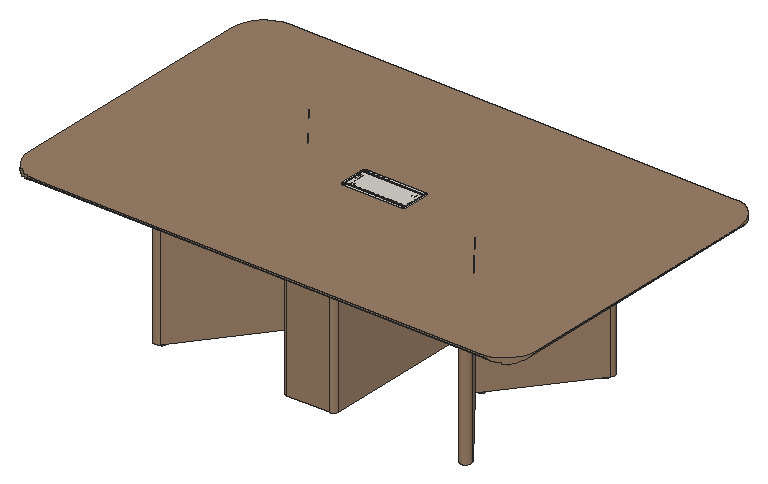
Revit family "Table-Teknion-CFTBKV-Figure_Table_Butter_Knife_Edge-Open_V_Leg_Base-R2023", category Furniture, Revit 2023 (continued)
Definition of nested family "12 Inch Standard Recessed Access Door"
  Automatic sketch dimensions
    Masking region 1 sketch curve to Masking region 1 sketch curve = 0.73174"  (x2)
    curve 26 to curve 41 = 0.40353"
    curve 53 to plane 5 "Right" = 0.000"
    curve 26 to curve 3 = 0.8366"
    curve 36 to curve 35 = 0.03963"
    curve 6 to plane 7 "Front" = 0.2478"
    curve 7 to curve 44 = 0.3162"
    curve 38 to curve 33 = 0.03963"
    curve 47 to curve 24 = 0.24407"
    plane 4 "Left" to curve 48 = 0.46457"
    curve 3 to curve 47 = 0.000"
    curve 23 to curve 28 = 0.03963"
    curve 26 to curve 47 = 0.000"
Definition of nested family "BKV LEG"
  Parameters (values of type "BKV Leg")
    Width [instance] = 240.000"
    Warranty = "http://www.teknion.com/ca/papers/legal-canada"
    V Leg Dim [instance] = if(Depth = 60.000", 33.045", 30.536")  # 33.045"
    Unit Weight URL = "http://www.teknion.com/ca/tools/assets#&asset=bee6a381-b954-425e-8283-5a2de3a804f2,f828d448-4b62-4231-9e5f-9a8991c0ed77"
    URL = "www.teknion.com"
    Top Finish [instance] = none
    To render please download texture images found here [instance] = "https://assets.teknion.com/web/5e81352c1dfdb467/revit-material-swatches/"
    Sustainability Data = "https://www.teknion.com/ca/tools/assets#&topic=216f99a5-57a0-44fc-b10a-9dee9b29ae4c&asset=444deb64-fe58-4b68-981e-f75e97781df7,b4ff2d81-9f2e-437d-9659-7cffb09c31cf"
    Surface Power Access [instance] = "Check / Uncheck for Access Power Options"  # constant formula
    Side Legs Dim [instance] = if(Depth = 60.000", 4.348", 3.581")  # 4.348"
    Series = "Custom Wood"  # constant formula
    Product Page URL = "https://www.teknion.com/ca/products/product-details?productLineId=f182336e-8e7a-673b-a6c8-ff00004460c4"
    Product Line = "Figure Table"  # constant formula
    Product Documentation Link = "https://d2r72yk5wmppdj.cloudfront.net/m/7b6608f508e3c5a8/Community_Table_Cut_Sheet.pdf"
    Power Cover Finish [instance] = none
    Part Number = "CFTBKV"  # constant formula
    Description = "Figure Table, Rectangular, Open V Leg, Bullnose Cove Edge"
    Base S Cutout [instance] = and([Base S 228"-], AF Mid)  # no
    Base H Cutout [instance] = and([Base H 228"-], AF Mid)  # no
    Base Finish [instance] = none
    Base Dim [instance] = if(Depth = 60.000", 24.000", 18.000")  # 24.000"
    AF Sides [instance] = and([(AF) 12" Standard Access Door], Width > 120.000")  # yes
    AF Mid [instance] = and([(AF) 12" Standard Access Door], or(Width > 204.000", Width < 132.000"))  # yes
    3 Tops [instance] = Width > 192.000"  # yes
    2 Tops [instance] = not(or([3 Tops], [1 Top]))  # no
    1 Top [instance] = Width < 120.000"  # no
    (NN) None [instance] = not([(AF) 12" Standard Access Door])  # no
    (N) No Central Base [instance] = not(or([(H) Hexa Panel], [(S) Softened Panel]))  # no
    Model = ""
    Manufacturer Phone = "416-661-3370"  # constant formula
    Manufacturer Fax = "416.661.4586"  # constant formula
    Manufacturer Contact Information = "http://www.teknion.com/ca/contactus"
    Manufacturer Address = "1150 Flint Road, Toronto, ON. M3J 2J5. Canada"  # constant formula
    Manufacturer = "Teknion"  # constant formula
    How To Use Teknion Materials User Guide [instance] = "https://assets.teknion.com/m/205dd0a49fa58060/original/How-to-add-a-Material-Library-and-Texture-Images-to-your-Revit-project.pdf"
    (H) Hexa Panel [instance] = no
    For Additional Finishes please visit [instance] = "https://assets.teknion.com/m/44a8009b046e5d47/original/Teknion_Materials_Library.zip"
    Depth [instance] = 60.000"
    Default Elevation = 0.000"
    (S) Softened Panel [instance] = yes
    Central Base Options [instance] = if(Width > 131.000", "[(N) No Central Base] not available with selected width, Please select one of the options below", "Check / Uncheck for Base Options")  # "[(N) No Central Base] not available with selected width, Please select one of the options below"
    Base S 228"- [instance] = and([(S) Softened Panel], Width < 240.000")  # no
    Base S 240" [instance] = and([(S) Softened Panel], Width = 240.000")  # yes
    Base H 228"- [instance] = and([(H) Hexa Panel], Width < 240.000")  # no
    Base H 240" [instance] = and([(H) Hexa Panel], Width = 240.000")  # no
    Available Width [instance] = "Available In 96\", 108\", 120\", 132\", 144\", 156\", 168\", 180\", 192\", 204\", 216\", 228\", 240\""  # constant formula
    Available Depth [instance] = "Available In 48\", 54\", 60\""  # constant formula
    Assembly Code = "E2020200"
    (AF) 12" Standard Access Door [instance] = yes
  Reference planes (in)
    plane 1 "Center Front/Back": y = 0
    plane 2: z = 0
    plane 3 "Center Left/Right": x = 0.01361
    plane 4 "Left": x = -119.98639
    plane 5 "Right": x = 120.01361
    plane 6 "Back": y = 30
    plane 7 "Front": y = -30
    plane 8 "Top": z = 29
    plane 9: x = -39.98639
    plane 10: x = 40.01361
    plane 11: y = 12
    plane 12: y = -12
    plane 13: x = -86.94139
    plane 14: x = 86.96861
    plane 15: x = -35.63839
    plane 16: x = 35.66561
  Forms (in)
    Sweep 1, solid, material <- "Top Finish"
      path origin (0, 0, 0) x (1, 0, 0) y (0, 0, 1)
        loop
          line (0.01361, 26.75) -> (0.01361, 27)
      profile origin (0.01361, 0, 26.875) x (-1, 0, 0) y (0, -1, 0)
        loop
          line (112, 22) -> (-112, 22) -> (-112, -22) -> (112, -22) -> (112, 22)
    Sweep 2, solid, material <- "Base Finish"
      path origin (0, 0, 0) x (1, 0, 0) y (0, 1, 0)
        loop
          line (100.01361, 0) -> (-99.98639, 0)
      profile origin (0.01361, 0, 0) x (0, -1, 0) y (0, 0, 1)
        loop
          line (-7.932, 18.75) -> (-10.932, 26.75) -> (-12, 26.75) -> (-9, 18.75) -> (-7.932, 18.75)
        loop
          line (10.932, 26.75) -> (7.932, 18.75) -> (9, 18.75) -> (12, 26.75) -> (10.932, 26.75)
    Sweep 3, void
      path origin (0, 0, 0) x (1, 0, 0) y (0, 0, 1)
        loop
          line (0.01361, 33) -> (0.01361, 24)
      profile origin (0.01361, 0, 28.5) x (0, -1, 0) y (1, 0, 0)
        loop
          arc (-2.80315, -5.56228) -> (-2.66687, -5.89128) -> (-2.33787, -6.02756) r 0.46527
          line (-2.33787, -6.02756) -> (2.33787, -6.02756)
          arc (2.33787, -6.02756) -> (2.66687, -5.89128) -> (2.80315, -5.56228) r 0.46527
          line (2.80315, -5.56228) -> (2.80315, 5.56326)
          arc (2.80315, 5.56326) -> (2.66716, 5.89157) -> (2.33885, 6.02756) r 0.4643
          line (2.33885, 6.02756) -> (-2.33885, 6.02756)
          arc (-2.33885, 6.02756) -> (-2.66716, 5.89157) -> (-2.80315, 5.56326) r 0.4643
          line (-2.80315, 5.56326) -> (-2.80315, -5.56228)
    Sweep 4, void
      path origin (0, 0, 0) x (1, 0, 0) y (0, 0, 1)
        loop
          line (0.01361, 42) -> (0.01361, 18.75)
      profile origin (0.01361, 0, 30.375) x (0, -1, 0) y (1, 0, 0)
        loop
          line (-17.38985, -100.03867) -> (-17.38985, -104) -> (18, -104) -> (18, -100.50685) -> (0, -86.69497) -> (-17.38985, -100.03867)
        loop
          line (0, 86.69497) -> (17.68067, 100.26182) -> (17.68067, 104) -> (-17.31933, 104) -> (-17.31933, 99.98456) -> (0, 86.69497)
  Cuts and joins
    Sweep 3 cuts Sweep 1
    Sweep 4 cuts Sweep 2
  Lines and regions (in)
    symbolic lines, detail levels medium+fine
      curve 1: line (-111.98639, 22, 0) -> (-111.98639, -22, 0)
      curve 2: line (-111.98639, -22, 0) -> (112.01361, -22, 0)
      curve 3: line (112.01361, -22, 0) -> (112.01361, 22, 0)
      curve 4: line (112.01361, 22, 0) -> (-111.98639, 22, 0)
      curve 5: line (114.01361, 24, 0) -> (-113.98639, 24, 0)
      curve 6: line (-113.98639, 24, 0) -> (-113.98639, -24, 0)
      curve 7: line (-113.98639, -24, 0) -> (114.01361, -24, 0)
      curve 8: line (114.01361, -24, 0) -> (114.01361, 24, 0)
      curve 13: line (-95.06977, 10.932, 0) -> (95.097, 10.932, 0)
      curve 14: line (95.097, 10.932, 0) -> (95.91651, 12, 0)
      curve 15: line (95.91651, 12, 0) -> (-95.88928, 12, 0)
      curve 16: line (-95.88928, 12, 0) -> (-95.06977, 10.932, 0)
      curve 17: line (-92.76779, 7.932, 0) -> (92.79502, 7.932, 0)
      curve 18: line (-93.5873, 9, 0) -> (93.61453, 9, 0)
      curve 19: line (92.79502, -7.932, 0) -> (-92.76779, -7.932, 0)
      curve 20: line (-93.5873, -9, 0) -> (93.61453, -9, 0)
      curve 21: line (-95.06977, -10.932, 0) -> (95.097, -10.932, 0)
      curve 22: line (-95.88928, -12, 0) -> (95.91651, -12, 0)
    reference lines
      curve 9: line (-119.98639, 30, 0) -> (120.01361, 30, 0)
      curve 10: line (-119.98639, 30, 0) -> (-119.98639, -30, 0)
      curve 11: line (120.01361, 30, 0) -> (120.01361, -30, 0)
      curve 12: line (-119.98639, -30, 0) -> (120.01361, -30, 0)
    symbolic lines, visible <- "Base S 240"", detail levels medium+fine
      curve 23: line (27.66561, 2.64575, 0) -> (27.66561, -2.64575, 0)
      curve 24: line (33.66561, -2.64575, 0) -> (33.66561, 2.64575, 0)
  Dimensions and locks (in)
    "Width": plane 4 "Left" to plane 5 "Right"
    "Depth": plane 6 "Back" to plane 7 "Front"
    plane 8 "Top" to level = 29.000"
    plane 8 "Top" to Sweep 1 sketch curve to Sweep 1 sketch curve = 2.000" locked, 0.250" locked
    locked: plane 4 "Left" to Sweep 2 sketch curve at 20
    locked: Sweep 2 sketch curve to plane 5 "Right" at 20
    Sweep 2 sketch curve to Sweep 2 sketch curve to Sweep 2 sketch curve to Sweep 2 sketch curve = 1.068" locked, 1.932" locked, 1.068" locked
    Sweep 2 sketch curve to Sweep 2 sketch curve to Sweep 2 sketch curve to Sweep 2 sketch curve = 1.068", 1.932" locked, 1.068" locked
    plane 8 "Top" to Sweep 2 sketch curve to Sweep 2 sketch curve = 2.250" locked, 8.000" locked  (x2)
    locked: plane 7 "Front" to Sweep 1 sketch curve at 8
    locked: plane 4 "Left" to Sweep 1 sketch curve at 8
    locked: plane 6 "Back" to Sweep 1 sketch curve at 8
    locked: Sweep 1 sketch curve to plane 5 "Right" at 8
    equal spacing: plane 4 "Left", plane 3 "Center Left/Right", plane 5 "Right"
    equal spacing: plane 7 "Front", plane 1 "Center Front/Back", plane 6 "Back"
    equal spacing: plane 4 "Left", plane 9, plane 10, plane 5 "Right"
    Sweep 3 sketch curve to plane 8 "Top" to Sweep 3 sketch curve = 4.000" locked, 5.000" locked
    Sweep 3 sketch curve to plane 1 "Center Front/Back" to Sweep 3 sketch curve = 2.80315" locked, 2.80315" locked
    Sweep 3 sketch curve to plane 3 "Center Left/Right" to Sweep 3 sketch curve = 6.02756" locked, 6.02756" locked
    Sweep 3 sketch curve to Sweep 3 sketch curve to plane 3 "Center Left/Right" to Sweep 3 sketch curve to Sweep 3 sketch curve = 0.000" locked, 5.56228" locked, 5.56326" locked, 0.000" locked
    Sweep 3 sketch curve to Sweep 3 sketch curve to plane 1 "Center Front/Back" to Sweep 3 sketch curve to Sweep 3 sketch curve = 0.00098" locked, 2.33787" locked, 2.33787" locked, 0.00098" locked
    equal spacing: plane 11, plane 1 "Center Front/Back", plane 12
    "Base Dim": plane 12 to plane 11
    "V Leg Dim": plane 4 "Left" to plane 13
    "V Leg Dim": plane 14 to plane 5 "Right"
    Sweep 4 sketch curve to plane 8 "Top" to Sweep 4 sketch curve = 13.000" locked, 10.250" locked
    Sweep 4 sketch curve to nested 8 to Sweep 4 sketch curve to Sweep 4 sketch curve = 18.000" locked, 0.000" locked, 17.38985" locked
    Sweep 4 sketch curve to plane 1 "Center Front/Back" to Sweep 4 sketch curve to Sweep 4 sketch curve = 17.68067" locked, 0.000" locked, 17.31933" locked
    Sweep 4 sketch curve to plane 14 to Sweep 4 sketch curve to Sweep 4 sketch curve to Sweep 4 sketch curve = 0.26003" locked, 13.02956" locked, 0.27727" locked, 3.73818" locked
    Sweep 4 sketch curve to Sweep 4 sketch curve to Sweep 4 sketch curve to plane 13 to Sweep 4 sketch curve = 3.49315" locked, 0.46819" locked, 13.08367" locked, 0.26003" locked
    "Side Legs Dim": plane 9 to plane 15
    "Side Legs Dim": plane 16 to plane 10
    aligned and locked: level to plane 2
    aligned and locked: plane 3 "Center Left/Right" to Sweep 1 sketch curve
    aligned and locked: Sweep 2 sketch curve to plane 1 "Center Front/Back"
    aligned and locked: plane 1 "Center Front/Back" to nested 1
    aligned and locked: plane 1 "Center Front/Back" to nested 2
    aligned and locked: plane 3 "Center Left/Right" to nested 3
    aligned and locked: plane 1 "Center Front/Back" to nested 3
    aligned and locked: plane 1 "Center Front/Back" to nested 6
    aligned and locked: plane 1 "Center Front/Back" to nested 4
    aligned and locked: plane 3 "Center Left/Right" to nested 5
    aligned and locked: plane 1 "Center Front/Back" to nested 5
    aligned and locked: plane 3 "Center Left/Right" to nested 7
    aligned and locked: plane 1 "Center Front/Back" to nested 7
    aligned and locked: Sweep 3 sketch curve to plane 3 "Center Left/Right"
    aligned and locked: plane 2 to nested 4
    aligned and locked: plane 2 to nested 3
    aligned and locked: plane 2 to nested 2
    aligned and locked: plane 2 to nested 1
    aligned and locked: plane 2 to nested 5
    aligned and locked: plane 2 to nested 6
    aligned and locked: curve 1 to cut or joined group of Sweep 1, Sweep 3
    aligned and locked: curve 2 to cut or joined group of Sweep 1, Sweep 3
    aligned and locked: curve 3 to cut or joined group of Sweep 1, Sweep 3
    aligned and locked: curve 4 to cut or joined group of Sweep 1, Sweep 3
    aligned and locked: plane 12 to Sweep 2 sketch curve
    aligned and locked: plane 11 to Sweep 2 sketch curve
    aligned and locked: curve 9 to plane 6 "Back"
    aligned and locked: curve 10 to plane 4 "Left"
    aligned and locked: plane 5 "Right" to curve 11
    aligned and locked: plane 7 "Front" to curve 12
    aligned and locked: plane 1 "Center Front/Back" to nested 8
    aligned and locked: nested 9 to plane 1 "Center Front/Back"
    aligned and locked: nested 8 to plane 13
    aligned and locked: plane 14 to nested 9
    aligned and locked: Sweep 4 sketch curve to plane 3 "Center Left/Right"
    aligned and locked: nested 4 to plane 15
    aligned and locked: nested 1 to plane 15
    aligned and locked: nested 2 to plane 16
    aligned and locked: nested 6 to plane 16
    aligned and locked: nested 8 to plane 2
    aligned and locked: nested 9 to plane 2
    aligned and locked: curve 13 to cut or joined group of Sweep 2, Sweep 4
    aligned and locked: curve 14 to cut or joined group of Sweep 2, Sweep 4
    aligned and locked: curve 15 to cut or joined group of Sweep 2, Sweep 4
    aligned and locked: curve 16 to cut or joined group of Sweep 2, Sweep 4
    aligned and locked: curve 17 to cut or joined group of Sweep 2, Sweep 4
    aligned and locked: curve 18 to cut or joined group of Sweep 2, Sweep 4
    aligned and locked: curve 19 to cut or joined group of Sweep 2, Sweep 4
    aligned and locked: curve 20 to cut or joined group of Sweep 2, Sweep 4
    aligned and locked: curve 21 to cut or joined group of Sweep 2, Sweep 4
    aligned and locked: curve 22 to cut or joined group of Sweep 2, Sweep 4
    aligned and locked: nested 2 to curve 23
    aligned and locked: curve 24 to nested 2  (x3)
    aligned and locked: curve 23 to nested 2  (x2)
  Automatic sketch dimensions
    curve 6 to curve 1 = 2.000"
    curve 3 to curve 8 = 2.000"
    curve 7 to curve 2 = 2.000"
    curve 3 to curve 5 = 2.000"
    curve 22 to plane 13 = 8.94789"
    curve 22 to curve 21 = 0.81951"
    curve 21 to curve 20 = 1.48248"
    curve 13 to curve 18 = 1.48248"
    curve 18 to curve 17 = 0.81951"
    curve 20 to curve 19 = 0.81951"
    curve 23 to plane 1 "Center Front/Back" = 2.64575"
    plane 16 to curve 23 = 8.000"
    plane 16 to curve 24 = 2.000"
    curve 19 to plane 14 = 5.82641"
    curve 17 to curve 13 = 2.30198"
    curve 17 to curve 18 = 0.81951"
    curve 19 to curve 20 = 0.81951"
    curve 20 to curve 21 = 1.48248"
    curve 21 to curve 22 = 0.81951"
    plane 1 "Center Front/Back" to curve 24 = 2.64575"
    plane 1 "Center Front/Back" to curve 23 = 2.64575"
    curve 24 to plane 1 "Center Front/Back" = 2.64575"
  Nested families (in)
    nested 1: "Softened Panel" at (-30.63839, 0, 0), Depth <- "Depth", Base Finish <- "Base Finish", visible <- "Base S 240"", type "Softened Panel"
      with Top Cutout yes, To render please download texture images found here "https://assets.teknion.com/web/5e81352c1dfdb467/revit-material-swatches/", Panel Width 36.000", Mid Leg no, Mid Cutout yes, Left Cutout yes, How To Use Teknion Materials User Guide "https://assets.teknion.com/m/205dd0a49fa58060/original/How-to-add-a-Material-Library-and-Texture-Images-to-your-Revit-project.pdf", Glide Finish none, For Additional Finishes please visit "https://assets.teknion.com/m/44a8009b046e5d47/original/Teknion_Materials_Library.zip", Depth 60.000", Bottom Cutout yes, Base Finish none
    nested 2: "Softened Panel" at (30.66561, 0, 0), Depth <- "Depth", Base Finish <- "Base Finish", visible <- "Base S 240"", type "Softened Panel"
      with Top Cutout yes, To render please download texture images found here "https://assets.teknion.com/web/5e81352c1dfdb467/revit-material-swatches/", Panel Width 36.000", Mid Leg no, Mid Cutout yes, Left Cutout no, How To Use Teknion Materials User Guide "https://assets.teknion.com/m/205dd0a49fa58060/original/How-to-add-a-Material-Library-and-Texture-Images-to-your-Revit-project.pdf", Glide Finish none, For Additional Finishes please visit "https://assets.teknion.com/m/44a8009b046e5d47/original/Teknion_Materials_Library.zip", Depth 60.000", Bottom Cutout no, Base Finish none
    nested 3: "Softened Panel" at (0.01361, 0, 0), Depth <- "Depth", Base Finish <- "Base Finish", visible <- "Base S 228"-", Mid Leg <- "Base S Cutout", type "Softened Panel"
      with Top Cutout yes, To render please download texture images found here "https://assets.teknion.com/web/5e81352c1dfdb467/revit-material-swatches/", Panel Width 36.000", Mid Leg no, Mid Cutout yes, Left Cutout yes, How To Use Teknion Materials User Guide "https://assets.teknion.com/m/205dd0a49fa58060/original/How-to-add-a-Material-Library-and-Texture-Images-to-your-Revit-project.pdf", Glide Finish none, For Additional Finishes please visit "https://assets.teknion.com/m/44a8009b046e5d47/original/Teknion_Materials_Library.zip", Depth 60.000", Bottom Cutout yes, Base Finish none
    nested 4: "Hexa Panel" at (-30.63839, 0, 0), Base Finish <- "Base Finish", visible <- "Base H 240"", Depth <- "Depth", type "Hexa Panel"
      with To render please download texture images found here "https://assets.teknion.com/web/5e81352c1dfdb467/revit-material-swatches/", Panel Width 36.000", Mid Leg no, Left Cutout yes, How To Use Teknion Materials User Guide "https://assets.teknion.com/m/205dd0a49fa58060/original/How-to-add-a-Material-Library-and-Texture-Images-to-your-Revit-project.pdf", Glide Finish none, For Additional Finishes please visit "https://assets.teknion.com/m/44a8009b046e5d47/original/Teknion_Materials_Library.zip", Depth 60.000", Base Finish none
    nested 5: "Hexa Panel" at (0.01361, 0, 0), Base Finish <- "Base Finish", Depth <- "Depth", Mid Leg <- "Base H Cutout", visible <- "Base H 228"-", type "Hexa Panel"
      with To render please download texture images found here "https://assets.teknion.com/web/5e81352c1dfdb467/revit-material-swatches/", Panel Width 36.000", Mid Leg no, Left Cutout yes, How To Use Teknion Materials User Guide "https://assets.teknion.com/m/205dd0a49fa58060/original/How-to-add-a-Material-Library-and-Texture-Images-to-your-Revit-project.pdf", Glide Finish none, For Additional Finishes please visit "https://assets.teknion.com/m/44a8009b046e5d47/original/Teknion_Materials_Library.zip", Depth 60.000", Base Finish none
    nested 6: "Hexa Panel" at (30.66561, 0, 0), Base Finish <- "Base Finish", visible <- "Base H 240"", Depth <- "Depth", type "Hexa Panel"
      with To render please download texture images found here "https://assets.teknion.com/web/5e81352c1dfdb467/revit-material-swatches/", Panel Width 36.000", Mid Leg no, Left Cutout no, How To Use Teknion Materials User Guide "https://assets.teknion.com/m/205dd0a49fa58060/original/How-to-add-a-Material-Library-and-Texture-Images-to-your-Revit-project.pdf", Glide Finish none, For Additional Finishes please visit "https://assets.teknion.com/m/44a8009b046e5d47/original/Teknion_Materials_Library.zip", Depth 60.000", Base Finish none
    nested 7: "Teknion_2D_Node_Family-R2021" at (0.01361, 0, 0), type "Teknion_2D_Node_Family-R2021"
    nested 8: "V Leg" at (-100.68179, 0.10332, 0), Base Finish <- "Base Finish", Depth <- "Depth", type "V Leg"
      with V Leg - Width 15.045", V Leg - Depth 36.000", To render please download texture images found here "https://assets.teknion.com/web/5e81352c1dfdb467/revit-material-swatches/", How To Use Teknion Materials User Guide "https://assets.teknion.com/m/205dd0a49fa58060/original/How-to-add-a-Material-Library-and-Texture-Images-to-your-Revit-project.pdf", Glide Finish none, For Additional Finishes please visit "https://assets.teknion.com/m/44a8009b046e5d47/original/Teknion_Materials_Library.zip", Depth 60.000", Base Finish none
    nested 9: "V Leg" at (100.70901, 0.10332, 0) x (-1, 0, 0) z (0, 0, 1), Base Finish <- "Base Finish", Depth <- "Depth", type "V Leg"
      with V Leg - Width 15.045", V Leg - Depth 36.000", To render please download texture images found here "https://assets.teknion.com/web/5e81352c1dfdb467/revit-material-swatches/", How To Use Teknion Materials User Guide "https://assets.teknion.com/m/205dd0a49fa58060/original/How-to-add-a-Material-Library-and-Texture-Images-to-your-Revit-project.pdf", Glide Finish none, For Additional Finishes please visit "https://assets.teknion.com/m/44a8009b046e5d47/original/Teknion_Materials_Library.zip", Depth 60.000", Base Finish none
  Definition of nested family "Softened Panel"
    Parameters (values of type "Softened Panel")
      Warranty = "http://www.teknion.com/ca/papers/legal-canada"
      Unit Weight URL = "http://www.teknion.com/ca/tools/assets#&asset=bee6a381-b954-425e-8283-5a2de3a804f2,f828d448-4b62-4231-9e5f-9a8991c0ed77"
      URL = "www.teknion.com"
      Top Cutout [instance] = yes
      To render please download texture images found here [instance] = "https://assets.teknion.com/web/5e81352c1dfdb467/revit-material-swatches/"
      Sustainability Data = "https://www.teknion.com/ca/tools/assets#&topic=216f99a5-57a0-44fc-b10a-9dee9b29ae4c&asset=444deb64-fe58-4b68-981e-f75e97781df7,b4ff2d81-9f2e-437d-9659-7cffb09c31cf"
      Series = ""
      Product Page URL = ""
      Product Line = ""
      Product Documentation Link = ""
      Part Number = ""
      Panel Width [instance] = if(Depth = 60.000", 36.000", 30.000")  # 30.000"
      Model = ""
      Mid Leg [instance] = yes
      Mid Cutout [instance] = not(Mid Leg)  # no
      Manufacturer Phone = "416-661-3370"  # constant formula
      Manufacturer Fax = "416.661.4586"  # constant formula
      Manufacturer Contact Information = "http://www.teknion.com/ca/contactus"
      Manufacturer Address = "1150 Flint Road, Toronto, ON. M3J 2J5. Canada"  # constant formula
      Manufacturer = "Teknion"  # constant formula
      Left Cutout [instance] = yes
      How To Use Teknion Materials User Guide [instance] = "https://assets.teknion.com/m/205dd0a49fa58060/original/How-to-add-a-Material-Library-and-Texture-Images-to-your-Revit-project.pdf"
      Glide Finish [instance] = none
      For Additional Finishes please visit [instance] = "https://assets.teknion.com/m/44a8009b046e5d47/original/Teknion_Materials_Library.zip"
      Description = "Softened Panel"
      Depth [instance] = 0.000"
      Default Elevation = 0.000"
      Bottom Cutout [instance] = yes
      Base Finish [instance] = none
      Assembly Code = "E2020200"
    Reference planes (in)
      plane 1 "Center Front/Back": y = 0
      plane 2: z = 0
      plane 3 "Center Left/Right": x = 0
      plane 4 "Left": x = -5
      plane 5 "Right": x = 5
      plane 6 "Back": y = 15
      plane 7 "Front": y = -15
      plane 8 "Top": z = 26.75
      plane 9 "1": y = -13.646
      plane 10 "2": y = 13.646
      plane 11: z = 0.5
    Forms (in)
      Revolve 1, solid, material <- "Glide Finish"
        sketch origin (0, -13.646, 0) x (-1, 0, 0) y (0, 0, 1)
          loop
            line (3.64645, 0.25) -> (3.64645, 0) -> (4.14645, 0) -> (4.14645, 0.25) -> (3.64645, 0.25)
          axis (3.64645, 0.25) -> (3.64645, 0)
        angle from 0 to 360
      Revolve 2, solid, material <- "Glide Finish"
        sketch origin (7.81887, -13.646, 0) x (-1, 0, 0) y (0, 0, 1)
          loop
            line (4.17242, 0.25) -> (4.17242, 0) -> (4.67242, 0) -> (4.67242, 0.25) -> (4.17242, 0.25)
          axis (4.17242, 0.25) -> (4.17242, 0)
        angle from 0 to 360
      Revolve 3, solid, material <- "Glide Finish"
        sketch origin (0, 13.646, 0) x (-1, 0, 0) y (0, 0, 1)
          loop
            line (3.64645, 0.25) -> (3.64645, 0) -> (4.14645, 0) -> (4.14645, 0.25) -> (3.64645, 0.25)
          axis (3.64645, 0.25) -> (3.64645, 0)
        angle from 0 to 360
      Revolve 4, solid, material <- "Glide Finish"
        sketch origin (0, 13.646, 0) x (-1, 0, 0) y (0, 0, 1)
          loop
            line (-3.64645, 0.25) -> (-3.64645, 0) -> (-3.14645, 0) -> (-3.14645, 0.25) -> (-3.64645, 0.25)
          axis (-3.64645, 0.25) -> (-3.64645, 0)
        angle from 0 to 360
      Sweep 5, solid, material <- "Glide Finish"
        path origin (0, 0, 0) x (1, 0, 0) y (0, 0, 1)
          loop
            line (0, 0.5) -> (0, 0.25)
        profile origin (0, 0, 0.375) x (0, -1, 0) y (1, 0, 0)
          loop
            line (13.3335, -3.82713) -> (13.646, -4.00755) -> (13.9585, -3.82713) -> (13.9585, -3.46628) -> (13.646, -3.28586) -> (13.3335, -3.46628) -> (13.3335, -3.82713)
          loop
            line (13.3335, 3.46628) -> (13.646, 3.28586) -> (13.9585, 3.46628) -> (13.9585, 3.82713) -> (13.646, 4.00755) -> (13.3335, 3.82713) -> (13.3335, 3.46628)
          loop
            line (-13.9585, 3.46628) -> (-13.646, 3.28586) -> (-13.3335, 3.46628) -> (-13.3335, 3.82713) -> (-13.646, 4.00755) -> (-13.9585, 3.82713) -> (-13.9585, 3.46628)
          loop
            line (-13.9585, -3.82713) -> (-13.646, -4.00755) -> (-13.3335, -3.82713) -> (-13.3335, -3.46628) -> (-13.646, -3.28586) -> (-13.9585, -3.46628) -> (-13.9585, -3.82713)
      Sweep 6, solid, material <- "Base Finish"
        path origin (0, 0, 0) x (1, 0, 0) y (0, 0, 1)
          loop
            line (0, 26.75) -> (0, 0.5)
        profile origin (0, 0, 13.625) x (0, -1, 0) y (1, 0, 0)
          loop
            line (14, 5) -> (-14, 5)
            arc (-14, 5) -> (-14.70711, 4.70711) -> (-15, 4) r 1
            line (-15, 4) -> (-15, -4)
            arc (-15, -4) -> (-14.70711, -4.70711) -> (-14, -5) r 1
            line (-14, -5) -> (14, -5)
            arc (14, -5) -> (14.70711, -4.70711) -> (15, -4) r 1
            line (15, -4) -> (15, 4)
            arc (15, 4) -> (14.70711, 4.70711) -> (14, 5) r 1
      Sweep 7, void
        path origin (0, 0, 0) x (1, 0, 0) y (0, 1, 0)
          loop
            line (7.5, 0) -> (-7.5, 0)
        profile origin (0, 0, 0) x (0, -1, 0) y (0, 0, 1)
          loop
            line (-5, 27.5) -> (-5, 24.5)
            arc (-5, 24.5) -> (-4.85355, 24.14645) -> (-4.5, 24) r 0.5
            line (-4.5, 24) -> (4.5, 24)
            arc (4.5, 24) -> (4.85355, 24.14645) -> (5, 24.5) r 0.5
            line (5, 24.5) -> (5, 27.5) -> (-5, 27.5)
      Sweep 8, void
        path origin (0, 0, 0) x (1, 0, 0) y (0, 0, 1)
          loop
            line (0, 26) -> (0, 1.25)
        profile origin (0, 0, 13.625) x (0, -1, 0) y (1, 0, 0)
          loop
            line (-14.25, -4.25) -> (14.25, -4.25) -> (14.25, 4.25) -> (-14.25, 4.25) -> (-14.25, -4.25)
      Sweep 9, void
        path origin (0, 0, 0) x (1, 0, 0) y (0, 0, 1)
          loop
            line (0, 0) -> (0, 2)
        profile origin (0, 0, 1) x (-1, 0, 0) y (0, -1, 0)
          loop
            arc (3, -2.64575) -> (4, 0) -> (3, 2.64575) r 4
            line (3, 2.64575) -> (3, 4.5)
            arc (3, 4.5) -> (2.85355, 4.85355) -> (2.5, 5) r 0.5
            line (2.5, 5) -> (-2.5, 5)
            arc (-2.5, 5) -> (-2.85355, 4.85355) -> (-3, 4.5) r 0.5
            line (-3, 4.5) -> (-3, 2.64575)
            arc (-3, 2.64575) -> (-4, 0) -> (-3, -2.64575) r 4
            line (-3, -2.64575) -> (-3, -4.5)
            arc (-3, -4.5) -> (-2.85355, -4.85355) -> (-2.5, -5) r 0.5
            line (-2.5, -5) -> (2.5, -5)
            arc (2.5, -5) -> (2.85355, -4.85355) -> (3, -4.5) r 0.5
            line (3, -4.5) -> (3, -2.64575)
      Sweep 10, void
        path origin (0, 0, 0) x (1, 0, 0) y (0, 1, 0)
          loop
            line (-2.5, 0) -> (-7.5, 0)
        profile origin (-5, 0, 0) x (0, -1, 0) y (0, 0, 1)
          loop
            line (-3.9, 21) -> (-3.9, 4.6) -> (3.9, 4.6) -> (3.9, 21) -> (-3.9, 21)
          loop
            line (-4, 22) -> (-4, 4.5) -> (4, 4.5) -> (4, 22)
            arc (4, 22) -> (3.85355, 22.35355) -> (3.5, 22.5) r 0.5
            line (3.5, 22.5) -> (-3.5, 22.5)
            arc (-3.5, 22.5) -> (-3.85355, 22.35355) -> (-4, 22) r 0.5
      Sweep 11, void
        path origin (0, 0, 0) x (1, 0, 0) y (0, 1, 0)
          loop
            line (7.5, 0) -> (-7.25, 0)
        profile origin (0.125, 0, 0) x (0, -1, 0) y (0, 0, 1)
          loop
            arc (2.75, 24) -> (2.92678, 24.07322) -> (3, 24.25) r 0.25
            line (3, 24.25) -> (3, 25.75)
            arc (3, 25.75) -> (2.92678, 25.92678) -> (2.75, 26) r 0.25
            line (2.75, 26) -> (-2.75, 26)
            arc (-2.75, 26) -> (-2.92678, 25.92678) -> (-3, 25.75) r 0.25
            line (-3, 25.75) -> (-3, 24.25)
            arc (-3, 24.25) -> (-2.92678, 24.07322) -> (-2.75, 24) r 0.25
            line (-2.75, 24) -> (2.75, 24)
      Sweep 12, void
        path origin (0, 0, 0) x (1, 0, 0) y (0, 0, 1)
          loop
            line (0, 28.75) -> (0, -1.25)
        profile origin (0, 0, 13.75) x (0, -1, 0) y (1, 0, 0)
          loop
            arc (4.5, -3) -> (4.85355, -2.85355) -> (5, -2.5) r 0.5
            line (5, -2.5) -> (5, 2.5)
            arc (5, 2.5) -> (4.85355, 2.85355) -> (4.5, 3) r 0.5
            line (4.5, 3) -> (-4.5, 3)
            arc (-4.5, 3) -> (-4.85355, 2.85355) -> (-5, 2.5) r 0.5
            line (-5, 2.5) -> (-5, -2.5)
            arc (-5, -2.5) -> (-4.85355, -2.85355) -> (-4.5, -3) r 0.5
            line (-4.5, -3) -> (4.5, -3)
    Cuts and joins
      joined: Revolve 1, Revolve 2, Revolve 3, Revolve 4, Sweep 5
      Sweep 7, Sweep 8, Sweep 9, Sweep 10, Sweep 11, Sweep 12 cuts Sweep 6
    Lines and regions (in)
      symbolic lines, visible <- "Bottom Cutout", detail levels medium+fine
        curve 1: arc (3, 2.64575, 0) -> (4, 0, 0) -> (3, -2.64575, 0) r 4
        curve 2: arc (-3, -2.64575, 0) -> (-4, 0, 0) -> (-3, 2.64575, 0) r 4
        curve 41: arc (-3, 2.64575, 0) -> (-4, 0, 0) -> (-3, -2.64575, 0) r 4
        curve 47: arc (3, -2.64575, 0) -> (4, 0, 0) -> (3, 2.64575, 0) r 4
      symbolic lines, not visible, detail levels medium+fine
        curve 3: line (5, 5, 0) -> (-5, 5, 0)
        curve 4: line (-5, -5, 0) -> (5, -5, 0)
      symbolic lines, detail levels fine
        curve 5: line (-3.46628, 13.9585, 0) -> (-3.82713, 13.9585, 0)
        curve 6: line (-3.82713, 13.9585, 0) -> (-4.00755, 13.646, 0)
        curve 7: line (-4.00755, 13.646, 0) -> (-3.82713, 13.3335, 0)
        curve 8: line (-3.82713, 13.3335, 0) -> (-3.46628, 13.3335, 0)
        curve 9: line (-3.46628, 13.3335, 0) -> (-3.28586, 13.646, 0)
        curve 10: line (-3.28586, 13.646, 0) -> (-3.46628, 13.9585, 0)
        curve 11: arc (-4.14645, 13.646, 0) -> (-3.64645, 14.146, 0) -> (-3.14645, 13.646, 0) r 0.5
        curve 12: arc (-3.14645, 13.646, 0) -> (-3.64645, 13.146, 0) -> (-4.14645, 13.646, 0) r 0.5
        curve 13: arc (4.14645, 13.646, 0) -> (3.64645, 13.146, 0) -> (3.14645, 13.646, 0) r 0.5
        curve 14: arc (3.14645, 13.646, 0) -> (3.64645, 14.146, 0) -> (4.14645, 13.646, 0) r 0.5
        curve 15: line (3.82713, 13.9585, 0) -> (3.46628, 13.9585, 0)
        curve 16: line (3.46628, 13.9585, 0) -> (3.28586, 13.646, 0)
        curve 17: line (3.28586, 13.646, 0) -> (3.46628, 13.3335, 0)
        curve 18: line (3.46628, 13.3335, 0) -> (3.82713, 13.3335, 0)
        curve 19: line (3.82713, 13.3335, 0) -> (4.00755, 13.646, 0)
        curve 20: line (4.00755, 13.646, 0) -> (3.82713, 13.9585, 0)
        curve 21: line (3.82713, -13.3335, 0) -> (3.46628, -13.3335, 0)
        curve 22: line (3.46628, -13.3335, 0) -> (3.28586, -13.646, 0)
        curve 23: line (3.28586, -13.646, 0) -> (3.46628, -13.9585, 0)
        curve 24: line (3.46628, -13.9585, 0) -> (3.82713, -13.9585, 0)
        curve 25: line (3.82713, -13.9585, 0) -> (4.00755, -13.646, 0)
        curve 26: line (4.00755, -13.646, 0) -> (3.82713, -13.3335, 0)
        curve 27: arc (4.14645, -13.646, 0) -> (3.64645, -13.146, 0) -> (3.14645, -13.646, 0) r 0.5
        curve 28: arc (3.14645, -13.646, 0) -> (3.64645, -14.146, 0) -> (4.14645, -13.646, 0) r 0.5
        curve 29: arc (-4.14645, -13.646, 0) -> (-3.64645, -14.146, 0) -> (-3.14645, -13.646, 0) r 0.5
        curve 30: arc (-3.14645, -13.646, 0) -> (-3.64645, -13.146, 0) -> (-4.14645, -13.646, 0) r 0.5
        curve 31: line (-3.28586, -13.646, 0) -> (-3.46628, -13.3335, 0)
        curve 32: line (-3.46628, -13.3335, 0) -> (-3.82713, -13.3335, 0)
        curve 33: line (-3.82713, -13.3335, 0) -> (-4.00755, -13.646, 0)
        curve 34: line (-4.00755, -13.646, 0) -> (-3.82713, -13.9585, 0)
        curve 35: line (-3.82713, -13.9585, 0) -> (-3.46628, -13.9585, 0)
        curve 36: line (-3.46628, -13.9585, 0) -> (-3.28586, -13.646, 0)
      symbolic lines, detail levels medium+fine
        curve 37: line (-4.25, 14.25, 0) -> (-4.25, -14.25, 0)
        curve 38: line (-4.25, -14.25, 0) -> (4.25, -14.25, 0)
        curve 39: line (4.25, -14.25, 0) -> (4.25, 14.25, 0)
        curve 40: line (4.25, 14.25, 0) -> (-4.25, 14.25, 0)
        curve 42: line (-3, -2.64575, 0) -> (-3, -4.5, 0)
        curve 43: arc (-3, -4.5, 0) -> (-2.85355, -4.85355, 0) -> (-2.5, -5, 0) r 0.5
        curve 44: line (-2.5, -5, 0) -> (2.5, -5, 0)
        curve 45: arc (2.5, -5, 0) -> (2.85355, -4.85355, 0) -> (3, -4.5, 0) r 0.5
        curve 46: line (3, -4.5, 0) -> (3, -2.64575, 0)
        curve 48: line (3, 2.64575, 0) -> (3, 4.5, 0)
        curve 49: arc (3, 4.5, 0) -> (2.85355, 4.85355, 0) -> (2.5, 5, 0) r 0.5
        curve 50: line (2.5, 5, 0) -> (-2.5, 5, 0)
        curve 51: arc (-2.5, 5, 0) -> (-2.85355, 4.85355, 0) -> (-3, 4.5, 0) r 0.5
        curve 52: line (-3, 4.5, 0) -> (-3, 2.64575, 0)
        curve 53: line (-3, -4.5, 0) -> (-3, -2.64575, 0)
        curve 54: arc (-3, 4.5, 0) -> (-2.85355, 4.85355, 0) -> (-2.5, 5, 0) r 0.5
        curve 55: line (-2.5, 5, 0) -> (2.5, 5, 0)
        curve 56: arc (2.5, 5, 0) -> (2.85355, 4.85355, 0) -> (3, 4.5, 0) r 0.5
        curve 57: line (3, 4.5, 0) -> (3, 2.64575, 0)
        curve 58: arc (3, -4.5, 0) -> (2.85355, -4.85355, 0) -> (2.5, -5, 0) r 0.5
        curve 59: line (2.5, -5, 0) -> (-2.5, -5, 0)
        curve 60: arc (-2.5, -5, 0) -> (-2.85355, -4.85355, 0) -> (-3, -4.5, 0) r 0.5
        curve 61: line (-5, 14, 0) -> (-5, -14, 0)
        curve 62: arc (-5, -14, 0) -> (-4.70711, -14.70711, 0) -> (-4, -15, 0) r 1
        curve 63: line (-4, -15, 0) -> (4, -15, 0)
        curve 64: arc (4, -15, 0) -> (4.70711, -14.70711, 0) -> (5, -14, 0) r 1
        curve 65: line (5, -14, 0) -> (5, 14, 0)
        curve 66: arc (5, 14, 0) -> (4.70711, 14.70711, 0) -> (4, 15, 0) r 1
        curve 67: line (4, 15, 0) -> (-4, 15, 0)
        curve 68: arc (-4, 15, 0) -> (-4.70711, 14.70711, 0) -> (-5, 14, 0) r 1
        curve 69: line (3, -2.64575, 0) -> (3, -4.5, 0)
        curve 70: line (-3, 2.64575, 0) -> (-3, 4.5, 0)
    Dimensions and locks (in)
      plane 4 "Left" to plane 5 "Right" = 10.000"
      "Panel Width": plane 6 "Back" to plane 7 "Front"
      locked: plane 8 "Top" to level at 26.75
      equal spacing: plane 6 "Back", plane 1 "Center Front/Back", plane 7 "Front"
      equal spacing: plane 4 "Left", plane 3 "Center Left/Right", plane 5 "Right"
      locked: plane 6 "Back" to plane 10 "2" at 1.354
      locked: plane 7 "Front" to plane 9 "1" at 1.354
      locked: plane 11 to plane 2 at 0.5
      locked: Revolve 1 sketch curve to plane 2 at 0.25
      Revolve 1 sketch curve to Revolve 1 sketch curve to plane 4 "Left" = 0.500" locked, 0.85355" locked
      locked: Revolve 2 sketch curve to plane 2 at 0.25
      Revolve 2 sketch curve to Revolve 2 sketch curve to plane 5 "Right" = 0.500" locked, 1.35355" locked
      locked: Revolve 2 sketch curve to plane 5 "Right" at 1.35355
      Revolve 3 sketch curve to Revolve 3 sketch curve to plane 4 "Left" = 0.500" locked, 0.85355" locked
      locked: Revolve 3 sketch curve to plane 2 at 0.25
      locked: Revolve 4 sketch curve to plane 2 at 0.25
      Revolve 4 sketch curve to Revolve 4 sketch curve to plane 5 "Right" = 0.500" locked, 1.35355" locked
      locked: Revolve 4 sketch curve to plane 5 "Right" at 1.35355
      locked: Sweep 5 sketch curve to plane 2 at 0.25
      plane 4 "Left" to Sweep 5 sketch curve to Sweep 5 sketch curve to Sweep 5 sketch curve to Sweep 5 sketch curve to Sweep 5 sketch curve to Sweep 5 sketch curve = 0.99245" locked, 0.18042" locked, 0.000" locked, 0.36084" locked, 0.000" locked, 0.18042" locked  (x2)
      Sweep 5 sketch curve to Sweep 5 sketch curve to Sweep 5 sketch curve to Sweep 5 sketch curve to Sweep 5 sketch curve to Sweep 5 sketch curve to plane 5 "Right" = 0.18042" locked, 0.000" locked, 0.36084" locked, 0.000" locked, 0.18042" locked, 0.99245" locked  (x2)
      Sweep 5 sketch curve to plane 9 "1" to Sweep 5 sketch curve = 0.3125" locked, 0.3125" locked  (x2)
      Sweep 5 sketch curve to plane 10 "2" to Sweep 5 sketch curve = 0.3125" locked, 0.3125" locked  (x2)
      locked: plane 4 "Left" to Revolve 1 sketch curve at 1.35355
      locked: plane 4 "Left" to Revolve 3 sketch curve at 1.35355
      locked: plane 6 "Back" to Sweep 6 sketch curve at 1  (x2)
      locked: plane 7 "Front" to Sweep 6 sketch curve at 1  (x2)
      locked: plane 4 "Left" to Sweep 6 sketch curve at 1  (x2)
      locked: Sweep 6 sketch curve to plane 5 "Right" at 1  (x2)
      Sweep 7 sketch curve to Sweep 7 sketch curve to plane 1 "Center Front/Back" to Sweep 7 sketch curve to Sweep 7 sketch curve = 0.500" locked, 4.500" locked, 4.500" locked, 0.500" locked
      Sweep 7 sketch curve to plane 8 "Top" to Sweep 7 sketch curve = 0.750" locked, 2.750" locked
      locked: Sweep 8 sketch curve to plane 11 at 0.75
      locked: plane 8 "Top" to Sweep 8 sketch curve at 0.75
      locked: Sweep 8 sketch curve to plane 7 "Front" at 0.75
      locked: Sweep 8 sketch curve to plane 6 "Back" at 0.75
      locked: plane 4 "Left" to Sweep 8 sketch curve at 0.75
      locked: Sweep 8 sketch curve to plane 5 "Right" at 0.75
      locked: Sweep 9 sketch curve to plane 2 at 2
      Sweep 9 sketch curve to Sweep 9 sketch curve to Sweep 9 sketch curve to Sweep 9 sketch curve to Sweep 9 sketch curve to plane 1 "Center Front/Back" to Sweep 9 sketch curve to Sweep 9 sketch curve to Sweep 9 sketch curve to Sweep 9 sketch curve to Sweep 9 sketch curve = 0.500" locked, 0.000" locked, 1.85425" locked, 0.000" locked, 2.64575" locked, 2.64575" locked, 0.000" locked, 1.85425" locked, 0.000" locked, 0.500" locked
      Sweep 9 sketch curve to Sweep 9 sketch curve to plane 3 "Center Left/Right" to Sweep 9 sketch curve to Sweep 9 sketch curve = 0.500" locked, 2.500" locked, 2.500" locked, 0.500" locked
      Sweep 10 sketch curve to Sweep 10 sketch curve to plane 3 "Center Left/Right" = 5.000" locked, 2.500" locked
      Sweep 10 sketch curve to Sweep 10 sketch curve to Sweep 10 sketch curve to Sweep 10 sketch curve to plane 11 = 1.500" locked, 16.400" locked, 0.100" locked, 4.000" locked
      Sweep 10 sketch curve to Sweep 10 sketch curve to Sweep 10 sketch curve to plane 1 "Center Front/Back" to Sweep 10 sketch curve to Sweep 10 sketch curve to Sweep 10 sketch curve = 0.100" locked, 0.400" locked, 3.500" locked, 3.500" locked, 0.400" locked, 0.100" locked
      locked: Sweep 7 sketch curve to plane 4 "Left" at 2.5
      locked: plane 3 "Center Left/Right" to Sweep 11 sketch curve at 7.5
      Sweep 11 sketch curve to Sweep 11 sketch curve to plane 1 "Center Front/Back" to Sweep 11 sketch curve to Sweep 11 sketch curve = 0.250" locked, 2.750" locked, 2.750" locked, 0.250" locked
      Sweep 11 sketch curve to Sweep 11 sketch curve to Sweep 11 sketch curve to Sweep 11 sketch curve to plane 8 "Top" = 0.250" locked, 1.500" locked, 0.250" locked, 0.750" locked
      locked: Sweep 12 sketch curve to plane 8 "Top" at 2
      Sweep 12 sketch curve to Sweep 12 sketch curve to plane 3 "Center Left/Right" to Sweep 12 sketch curve to Sweep 12 sketch curve = 0.500" locked, 2.500" locked, 2.500" locked, 0.500" locked
      Sweep 12 sketch curve to Sweep 12 sketch curve to plane 1 "Center Front/Back" to Sweep 12 sketch curve to Sweep 12 sketch curve = 0.500" locked, 4.500" locked, 4.500" locked, 0.500" locked
      aligned and locked: level to plane 2
      aligned and locked: plane 2 to Revolve 1 sketch curve
      aligned and locked: plane 2 to Revolve 2 sketch curve
      aligned and locked: plane 2 to Revolve 3 sketch curve
      aligned and locked: plane 2 to Revolve 4 sketch curve
      aligned and locked: plane 11 to Sweep 5 sketch curve
      aligned and locked: Sweep 5 sketch curve to plane 3 "Center Left/Right"
      aligned and locked: plane 9 "1" to Sweep 5 sketch curve  (x4)
      aligned and locked: plane 10 "2" to Sweep 5 sketch curve  (x4)
      aligned and locked: plane 11 to Sweep 6 sketch curve
      aligned and locked: plane 8 "Top" to Sweep 6 sketch curve
      aligned and locked: Sweep 6 sketch curve to plane 3 "Center Left/Right"
      aligned and locked: Sweep 6 sketch curve to plane 7 "Front"
      aligned and locked: plane 4 "Left" to Sweep 6 sketch curve
      aligned and locked: plane 6 "Back" to Sweep 6 sketch curve
      aligned and locked: Sweep 7 sketch curve to plane 1 "Center Front/Back"
      aligned and locked: Sweep 8 sketch curve to plane 3 "Center Left/Right"
      aligned and locked: plane 2 to Sweep 9 sketch curve
      aligned and locked: plane 3 "Center Left/Right" to Sweep 9 sketch curve  (x3)
      aligned and locked: Sweep 9 sketch curve to Sweep 9 sketch curve
      aligned and locked: Sweep 10 sketch curve to plane 1 "Center Front/Back"
      aligned and locked: Sweep 12 sketch curve to plane 3 "Center Left/Right"
      aligned and locked: Sweep 11 sketch curve to plane 1 "Center Front/Back"
      aligned and locked: curve 5 to cut or joined group of Revolve 1, Revolve 2, Revolve 3, Revolve 4, Sweep 5
      aligned and locked: curve 6 to cut or joined group of Revolve 1, Revolve 2, Revolve 3, Revolve 4, Sweep 5
      aligned and locked: curve 7 to cut or joined group of Revolve 1, Revolve 2, Revolve 3, Revolve 4, Sweep 5
      aligned and locked: curve 8 to cut or joined group of Revolve 1, Revolve 2, Revolve 3, Revolve 4, Sweep 5
      aligned and locked: curve 9 to cut or joined group of Revolve 1, Revolve 2, Revolve 3, Revolve 4, Sweep 5
      aligned and locked: curve 10 to cut or joined group of Revolve 1, Revolve 2, Revolve 3, Revolve 4, Sweep 5
      aligned and locked: curve 11 to cut or joined group of Revolve 1, Revolve 2, Revolve 3, Revolve 4, Sweep 5
      aligned and locked: curve 12 to cut or joined group of Revolve 1, Revolve 2, Revolve 3, Revolve 4, Sweep 5
      aligned and locked: curve 13 to cut or joined group of Revolve 1, Revolve 2, Revolve 3, Revolve 4, Sweep 5
      aligned and locked: curve 14 to cut or joined group of Revolve 1, Revolve 2, Revolve 3, Revolve 4, Sweep 5
      aligned and locked: curve 15 to cut or joined group of Revolve 1, Revolve 2, Revolve 3, Revolve 4, Sweep 5
      aligned and locked: curve 16 to cut or joined group of Revolve 1, Revolve 2, Revolve 3, Revolve 4, Sweep 5
      aligned and locked: curve 17 to cut or joined group of Revolve 1, Revolve 2, Revolve 3, Revolve 4, Sweep 5
      aligned and locked: curve 18 to cut or joined group of Revolve 1, Revolve 2, Revolve 3, Revolve 4, Sweep 5
      aligned and locked: curve 19 to cut or joined group of Revolve 1, Revolve 2, Revolve 3, Revolve 4, Sweep 5
      aligned and locked: curve 20 to cut or joined group of Revolve 1, Revolve 2, Revolve 3, Revolve 4, Sweep 5
      aligned and locked: curve 21 to cut or joined group of Revolve 1, Revolve 2, Revolve 3, Revolve 4, Sweep 5
      aligned and locked: curve 22 to cut or joined group of Revolve 1, Revolve 2, Revolve 3, Revolve 4, Sweep 5
      aligned and locked: curve 23 to cut or joined group of Revolve 1, Revolve 2, Revolve 3, Revolve 4, Sweep 5
      aligned and locked: curve 24 to cut or joined group of Revolve 1, Revolve 2, Revolve 3, Revolve 4, Sweep 5
      aligned and locked: curve 25 to cut or joined group of Revolve 1, Revolve 2, Revolve 3, Revolve 4, Sweep 5
      aligned and locked: curve 26 to cut or joined group of Revolve 1, Revolve 2, Revolve 3, Revolve 4, Sweep 5
      aligned and locked: curve 27 to cut or joined group of Revolve 1, Revolve 2, Revolve 3, Revolve 4, Sweep 5
      aligned and locked: curve 28 to cut or joined group of Revolve 1, Revolve 2, Revolve 3, Revolve 4, Sweep 5
      aligned and locked: curve 29 to cut or joined group of Revolve 1, Revolve 2, Revolve 3, Revolve 4, Sweep 5
      aligned and locked: curve 30 to cut or joined group of Revolve 1, Revolve 2, Revolve 3, Revolve 4, Sweep 5
      aligned and locked: curve 31 to cut or joined group of Revolve 1, Revolve 2, Revolve 3, Revolve 4, Sweep 5
      aligned and locked: curve 32 to cut or joined group of Revolve 1, Revolve 2, Revolve 3, Revolve 4, Sweep 5
      aligned and locked: curve 33 to cut or joined group of Revolve 1, Revolve 2, Revolve 3, Revolve 4, Sweep 5
      aligned and locked: curve 34 to cut or joined group of Revolve 1, Revolve 2, Revolve 3, Revolve 4, Sweep 5
      aligned and locked: curve 35 to cut or joined group of Revolve 1, Revolve 2, Revolve 3, Revolve 4, Sweep 5
      aligned and locked: curve 36 to cut or joined group of Revolve 1, Revolve 2, Revolve 3, Revolve 4, Sweep 5
      aligned and locked: curve 37 to cut or joined group of Sweep 6, Sweep 7, Sweep 8, Sweep 9, Sweep 10, Sweep 11, Sweep 12
      aligned and locked: curve 38 to cut or joined group of Sweep 6, Sweep 7, Sweep 8, Sweep 9, Sweep 10, Sweep 11, Sweep 12
      aligned and locked: curve 39 to cut or joined group of Sweep 6, Sweep 7, Sweep 8, Sweep 9, Sweep 10, Sweep 11, Sweep 12
      aligned and locked: curve 40 to cut or joined group of Sweep 6, Sweep 7, Sweep 8, Sweep 9, Sweep 10, Sweep 11, Sweep 12
      aligned and locked: curve 41 to Sweep 9
      aligned and locked: curve 42 to Sweep 9
      aligned and locked: curve 43 to Sweep 9
      aligned and locked: curve 45 to Sweep 9
      aligned and locked: curve 47 to Sweep 9
      aligned and locked: curve 48 to Sweep 9
      aligned and locked: curve 49 to Sweep 9
      aligned and locked: curve 51 to Sweep 9
      aligned and locked: curve 62 to cut or joined group of Sweep 6, Sweep 7, Sweep 8, Sweep 9, Sweep 10, Sweep 11, Sweep 12
      aligned and locked: curve 64 to cut or joined group of Sweep 6, Sweep 7, Sweep 8, Sweep 9, Sweep 10, Sweep 11, Sweep 12
      aligned and locked: curve 66 to cut or joined group of Sweep 6, Sweep 7, Sweep 8, Sweep 9, Sweep 10, Sweep 11, Sweep 12
      aligned and locked: curve 68 to cut or joined group of Sweep 6, Sweep 7, Sweep 8, Sweep 9, Sweep 10, Sweep 11, Sweep 12
    Automatic sketch dimensions
      Revolve 2 sketch curve to plane 11 = 0.0769"
      Revolve 2 sketch curve to level = 0.3269"
      level to Revolve 4 sketch curve = 0.45393"
      plane 11 to Revolve 4 sketch curve = 0.08613"
      plane 11 to Revolve 1 sketch curve = 0.250"
      Revolve 1 sketch curve to level = 0.62632"
      Revolve 3 sketch curve to plane 11 = 0.250"
      level to Revolve 3 sketch curve = 0.500"
      Sweep 7 sketch curve to plane 5 "Right" = 2.500"
      Sweep 11 sketch curve to plane 4 "Left" = 2.250"
      Sweep 12 sketch curve to level = 1.250"
      curve 1 to curve 2 = 0.000"
      curve 4 to curve 1 = 2.35425"
      curve 2 to curve 3 = 2.35425"
      curve 1 to curve 47 = 0.000"
  Definition of nested family "Hexa Panel"
    Parameters (values of type "Hexa Panel")
      Warranty = "http://www.teknion.com/ca/papers/legal-canada"
      Unit Weight URL = "http://www.teknion.com/ca/tools/assets#&asset=bee6a381-b954-425e-8283-5a2de3a804f2,f828d448-4b62-4231-9e5f-9a8991c0ed77"
      URL = "www.teknion.com"
      To render please download texture images found here [instance] = "https://assets.teknion.com/web/5e81352c1dfdb467/revit-material-swatches/"
      Sustainability Data = "https://www.teknion.com/ca/tools/assets#&topic=216f99a5-57a0-44fc-b10a-9dee9b29ae4c&asset=444deb64-fe58-4b68-981e-f75e97781df7,b4ff2d81-9f2e-437d-9659-7cffb09c31cf"
      Series = ""
      Product Page URL = ""
      Product Line = ""
      Product Documentation Link = ""
      Part Number = ""
      Panel Width [instance] = if(Depth = 60.000", 36.000", 30.000")  # 36.000"
      Model = ""
      Mid Leg [instance] = yes
      Manufacturer Phone = "416-661-3370"  # constant formula
      Manufacturer Fax = "416.661.4586"  # constant formula
      Manufacturer Contact Information = "http://www.teknion.com/ca/contactus"
      Manufacturer Address = "1150 Flint Road, Toronto, ON. M3J 2J5. Canada"  # constant formula
      Manufacturer = "Teknion"  # constant formula
      Left Cutout [instance] = yes
      How To Use Teknion Materials User Guide [instance] = "https://assets.teknion.com/m/205dd0a49fa58060/original/How-to-add-a-Material-Library-and-Texture-Images-to-your-Revit-project.pdf"
      Glide Finish [instance] = none
      For Additional Finishes please visit [instance] = "https://assets.teknion.com/m/44a8009b046e5d47/original/Teknion_Materials_Library.zip"
      Description = "Hexa Panel"
      Depth [instance] = 60.000"
      Default Elevation = 0.000"
      Base Finish [instance] = none
      Assembly Code = "E2020200"
    Reference planes (in)
      plane 1 "Center Front/Back": y = 0
      plane 2: z = 0
      plane 3 "Center Left/Right": x = 0
      plane 4 "Left": x = -5
      plane 5 "Right": x = 5
      plane 6 "Back": y = 18
      plane 7 "Front": y = -18
      plane 8 "Top": z = 26.75
      plane 9 "1": y = -15.5
      plane 10 "2": y = -7.06461
      plane 11 "4": y = 15.5
      plane 12 "3": y = 7.06461
      plane 13: z = 0.5
    Forms (in)
      Sweep 1, solid, material <- "Base Finish"
        path origin (0, 0, 0) x (1, 0, 0) y (0, 0, 1)
          loop
            line (0, 26.75) -> (0, 0.5)
        profile origin (0, 0, 13.625) x (0, -1, 0) y (1, 0, 0)
          loop
            line (-7.27625, 5) -> (-17.37404, 0.92741)
            arc (-17.37404, 0.92741) -> (-17.82887, 0.55945) -> (-18, 0) r 1
            arc (-18, 0) -> (-17.82887, -0.55945) -> (-17.37404, -0.92741) r 1
            line (-17.37404, -0.92741) -> (-7.27625, -5) -> (7.27625, -5) -> (17.37404, -0.92741)
            arc (17.37404, -0.92741) -> (17.82887, -0.55945) -> (18, 0) r 1
            arc (18, 0) -> (17.82887, 0.55945) -> (17.37404, 0.92741) r 1
            line (17.37404, 0.92741) -> (7.27625, 5) -> (-7.27625, 5)
      Sweep 2, void
        path origin (0, 0, 0) x (1, 0, 0) y (0, 0, 1)
          loop
            line (0, 26) -> (0, 1.25)
        profile origin (0, 0, 13.625) x (0, -1, 0) y (1, 0, 0)
          loop
            line (-7.25333, -4.88189) -> (7.25333, -4.88189) -> (17.13189, -0.89772) -> (17.13189, 0.89772) -> (7.25333, 4.88189) -> (-7.25333, 4.88189) -> (-17.13189, 0.89772) -> (-17.13189, -0.89772) -> (-7.25333, -4.88189)
      Sweep 3, void
        path origin (0, 0, 0) x (1, 0, 0) y (0, 0, 1)
          loop
            line (0, 28.75) -> (0, -2.25)
        profile origin (0, 0, 13.25) x (0, -1, 0) y (1, 0, 0)
          loop
            line (6.8652, -2.88189) -> (11.71124, -0.92741)
            arc (11.71124, -0.92741) -> (12.16607, -0.55945) -> (12.3372, 0) r 1
            arc (12.3372, 0) -> (12.16607, 0.55945) -> (11.71124, 0.92741) r 1
            line (11.71124, 0.92741) -> (6.8652, 2.88189) -> (-6.8652, 2.88189) -> (-11.71124, 0.92741)
            arc (-11.71124, 0.92741) -> (-12.16607, 0.55945) -> (-12.3372, 0) r 1
            arc (-12.3372, 0) -> (-12.16607, -0.55945) -> (-11.71124, -0.92741) r 1
            line (-11.71124, -0.92741) -> (-6.8652, -2.88189) -> (6.8652, -2.88189)
      Revolve 4, solid, material <- "Glide Finish"
        sketch origin (0, -15.5, 0) x (-1, 0, 0) y (0, 0, 1)
          loop
            line (0, 0.25) -> (0, 0) -> (0.5, 0) -> (0.5, 0.25) -> (0, 0.25)
          axis (0, 0.25) -> (0, 0)
        angle from 0 to 360
      Revolve 5, solid, material <- "Glide Finish"
        sketch origin (0, -7.06461, 0) x (-1, 0, 0) y (0, 0, 1)
          loop
            line (3.90943, 0.25) -> (3.90943, 0) -> (4.40943, 0) -> (4.40943, 0.25) -> (3.90943, 0.25)
          axis (3.90943, 0.25) -> (3.90943, 0)
        angle from 0 to 360
      Revolve 6, solid, material <- "Glide Finish"
        sketch origin (7.81887, -7.06461, 0) x (-1, 0, 0) y (0, 0, 1)
          loop
            line (3.90943, 0.25) -> (3.90943, 0) -> (4.40943, 0) -> (4.40943, 0.25) -> (3.90943, 0.25)
          axis (3.90943, 0.25) -> (3.90943, 0)
        angle from 0 to 360
      Revolve 7, solid, material <- "Glide Finish"
        sketch origin (0, 7.06461, 0) x (-1, 0, 0) y (0, 0, 1)
          loop
            line (3.90943, 0.25) -> (3.90943, 0) -> (4.40943, 0) -> (4.40943, 0.25) -> (3.90943, 0.25)
          axis (3.90943, 0.25) -> (3.90943, 0)
        angle from 0 to 360
      Revolve 8, solid, material <- "Glide Finish"
        sketch origin (0, 7.06461, 0) x (-1, 0, 0) y (0, 0, 1)
          loop
            line (-3.90943, 0.25) -> (-3.90943, 0) -> (-3.40943, 0) -> (-3.40943, 0.25) -> (-3.90943, 0.25)
          axis (-3.90943, 0.25) -> (-3.90943, 0)
        angle from 0 to 360
      Revolve 9, solid, material <- "Glide Finish"
        sketch origin (0, 15.5, 0) x (-1, 0, 0) y (0, 0, 1)
          loop
            line (0, 0.25) -> (0, 0) -> (0.5, 0) -> (0.5, 0.25) -> (0, 0.25)
          axis (0, 0.25) -> (0, 0)
        angle from 0 to 360
      Sweep 10, solid, material <- "Glide Finish"
        path origin (0, 0, 0) x (1, 0, 0) y (0, 0, 1)
          loop
            line (0, 0.5) -> (0, 0.25)
        profile origin (0, 0, 0.375) x (0, -1, 0) y (1, 0, 0)
          loop
            line (15.1875, -0.18042) -> (15.5, -0.36084) -> (15.8125, -0.18042) -> (15.8125, 0.18042) -> (15.5, 0.36084) -> (15.1875, 0.18042) -> (15.1875, -0.18042)
          loop
            line (6.75211, -4.08986) -> (7.06461, -4.27028) -> (7.37711, -4.08986) -> (7.37711, -3.72901) -> (7.06461, -3.54859) -> (6.75211, -3.72901) -> (6.75211, -4.08986)
          loop
            line (6.75211, 3.72901) -> (7.06461, 3.54859) -> (7.37711, 3.72901) -> (7.37711, 4.08986) -> (7.06461, 4.27028) -> (6.75211, 4.08986) -> (6.75211, 3.72901)
          loop
            line (-7.37711, 3.72901) -> (-7.06461, 3.54859) -> (-6.75211, 3.72901) -> (-6.75211, 4.08986) -> (-7.06461, 4.27028) -> (-7.37711, 4.08986) -> (-7.37711, 3.72901)
          loop
            line (-7.37711, -4.08986) -> (-7.06461, -4.27028) -> (-6.75211, -4.08986) -> (-6.75211, -3.72901) -> (-7.06461, -3.54859) -> (-7.37711, -3.72901) -> (-7.37711, -4.08986)
          loop
            line (-15.8125, -0.18042) -> (-15.5, -0.36084) -> (-15.1875, -0.18042) -> (-15.1875, 0.18042) -> (-15.5, 0.36084) -> (-15.8125, 0.18042) -> (-15.8125, -0.18042)
      Sweep 11, void
        path origin (0, 0, 0) x (1, 0, 0) y (0, 1, 0)
          loop
            line (-8, 0) -> (8, 0)
        profile origin (0, 0, 0) x (0, 1, 0) y (0, 0, 1)
          loop
            line (-4.5, 24) -> (4.5, 24)
            arc (4.5, 24) -> (4.85355, 24.14645) -> (5, 24.5) r 0.5
            line (5, 24.5) -> (5, 26.75) -> (-5, 26.75) -> (-5, 24.5)
            arc (-5, 24.5) -> (-4.85355, 24.14645) -> (-4.5, 24) r 0.5
      Sweep 12, void
        path origin (0, 0, 0) x (1, 0, 0) y (0, 1, 0)
          loop
            line (-8.25, 0) -> (-1, 0)
        profile origin (-4.625, 0, 0) x (0, 1, 0) y (0, 0, 1)
          loop
            line (3.5, 22.5) -> (-3.5, 22.5)
            arc (-3.5, 22.5) -> (-3.85355, 22.35355) -> (-4, 22) r 0.5
            line (-4, 22) -> (-4, 4.5) -> (4, 4.5) -> (4, 22)
            arc (4, 22) -> (3.85355, 22.35355) -> (3.5, 22.5) r 0.5
          loop
            line (-3.9, 21.25) -> (-3.9, 4.6) -> (3.9, 4.6) -> (3.9, 21.25) -> (-3.9, 21.25)
      Sweep 13, void
        path origin (0, 0, 0) x (1, 0, 0) y (0, 0, 1)
          loop
            line (0, 5.5) -> (0, -4.5)
        profile origin (0, 0, 0.5) x (0, -1, 0) y (1, 0, 0)
          loop
            circle (0, 0) r 4.11878
      Sweep 14, void
        path origin (0, 0, 0) x (1, 0, 0) y (0, 1, 0)
          loop
            line (-8, 0) -> (7.25, 0)
        profile origin (-0.375, 0, 0) x (0, 1, 0) y (0, 0, 1)
          loop
            line (2.75, 24.25) -> (2.75, 25.75)
            arc (2.75, 25.75) -> (2.67678, 25.92678) -> (2.5, 26) r 0.25
            line (2.5, 26) -> (-2.5, 26)
            arc (-2.5, 26) -> (-2.67678, 25.92678) -> (-2.75, 25.75) r 0.25
            line (-2.75, 25.75) -> (-2.75, 24.25)
            arc (-2.75, 24.25) -> (-2.67678, 24.07322) -> (-2.5, 24) r 0.25
            line (-2.5, 24) -> (2.5, 24)
            arc (2.5, 24) -> (2.67678, 24.07322) -> (2.75, 24.25) r 0.25
    Cuts and joins
      Sweep 2, Sweep 3, Sweep 11, Sweep 12, Sweep 13, Sweep 14 cuts Sweep 1
      joined: Revolve 4, Revolve 5, Revolve 6, Revolve 7, Revolve 8, Revolve 9, Sweep 10
    Lines and regions (in)
      symbolic lines, detail levels medium+fine
        curve 1: line (5, 7.27625, 0) -> (0.67495, 18, 0)
        curve 2: line (-0.67495, 18, 0) -> (-5, 7.27625, 0)
        curve 3: arc (0, 18, 0) -> (-0.55945, 17.82887, 0) -> (-0.92741, 17.37404, 0) r 1
        curve 4: arc (0.92741, 17.37404, 0) -> (0.55945, 17.82887, 0) -> (0, 18, 0) r 1
        curve 5: line (5, -7.27625, 0) -> (5, 7.27625, 0)
        curve 6: line (-5, 7.27625, 0) -> (-5, -7.27625, 0)
        curve 7: line (-5, -7.27625, 0) -> (-0.67495, -18, 0)
        curve 8: line (0.67495, -18, 0) -> (5, -7.27625, 0)
        curve 9: arc (0, -18, 0) -> (0.55945, -17.82887, 0) -> (0.92741, -17.37404, 0) r 1
        curve 10: arc (-0.92741, -17.37404, 0) -> (-0.55945, -17.82887, 0) -> (0, -18, 0) r 1
        curve 11: line (-0.89772, -17.13189, 0) -> (0.89772, -17.13189, 0)
        curve 12: line (-4.88189, -7.25333, 0) -> (-0.89772, -17.13189, 0)
        curve 13: line (0.89772, -17.13189, 0) -> (4.88189, -7.25333, 0)
